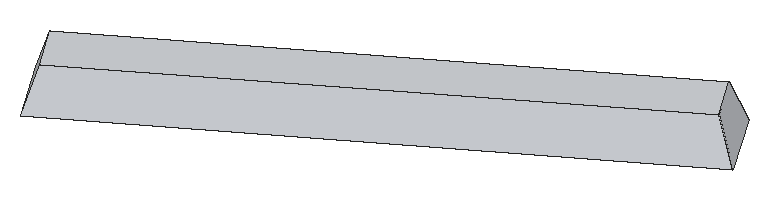
Revit family "Parking Stall_Angled", category Parking, Revit 2026
Family settings
  Work Plane-Based = Yes
  Always vertical = No
  Cut with Voids When Loaded = No
  Shared = No
Parameters (values of type "Standard")
  W = 9' - 0"
  Type Comments = "Standard"
  L = 23' - 0"
  EA_Repath [instance] = 0' - 0"
  Default Elevation = 4' - 0"
Reference planes (in)
  plane 1 "Back": y = 0
  plane 2: z = 0
  plane 3 "Left": x = 0
  plane 4: x = 108
  plane 5: y = 276
  plane 6: x = 54
Lines and regions (in)
  model lines, style "Heavy"
    curve 1: line (0, 0, 0) -> (0, 276, 0)
    curve 3: line (108, 338.35383, 0) -> (108, 62.35383, 0)
  model lines, style "Light"
    curve 2: line (108, 62.35383, 0) -> (0, 0, 0)
Dimensions and locks (in)
  "L": plane 5 to plane 1 "Back"
  "W": plane 3 "Left" to plane 4
  equal spacing: plane 3 "Left", plane 6, plane 4
  "L": curve 3 to curve 3
  locked: plane 1 "Back" to curve 2 (angle 30.00°)
  aligned and locked: level to plane 2
  aligned and locked: plane 3 "Left" to curve 1
  aligned and locked: curve 3 to plane 4
Automatic sketch dimensions
  plane 1 "Back" to curve 2 = 0' - 0"
  curve 1 to plane 5 = 0' - 0"
Nested families (in)
  nested 1: "stoper" at (54, 49.17691, 0) x (0.866, 0.5, 0) z (0, 0, 1), type "stoper"
Definition of nested family "stoper"
  Parameters (values of type "stoper")
    w = 1' - 0"  # constant formula
    l = 7' - 0"  # constant formula
    delta = 0' - 2"  # constant formula
  Reference planes (in)
    plane 1 "Center (Front/Back)": y = 0
    plane 2: z = 0
    plane 3 "Center (Left/Right)": x = 0
  Forms (in)
    Blend 1, solid
      base sketch origin (0, 0, 0) x (1, 0, 0) y (0, 1, 0)
        loop
          line (-42, 6) -> (-42, -6) -> (42, -6) -> (42, 6) -> (-42, 6)
      top sketch origin (0, 0, 0) x (1, 0, 0) y (0, 1, 0)
        loop
          line (-40, 4) -> (-40, -4) -> (40, -4) -> (40, 4) -> (-40, 4)
      from 0 to 6
  Dimensions and locks (in)
    equal spacing: Blend 1 sketch curve, plane 3 "Center (Left/Right)", Blend 1 sketch curve
    "l": Blend 1 sketch curve to Blend 1 sketch curve
    equal spacing: Blend 1 sketch curve, plane 1 "Center (Front/Back)", Blend 1 sketch curve
    "w": Blend 1 sketch curve to Blend 1 sketch curve
    "delta": Blend 1 sketch curve to var sketch  (x3)
    "delta": var sketch to Blend 1 sketch curve
    aligned and locked: level to plane 2
